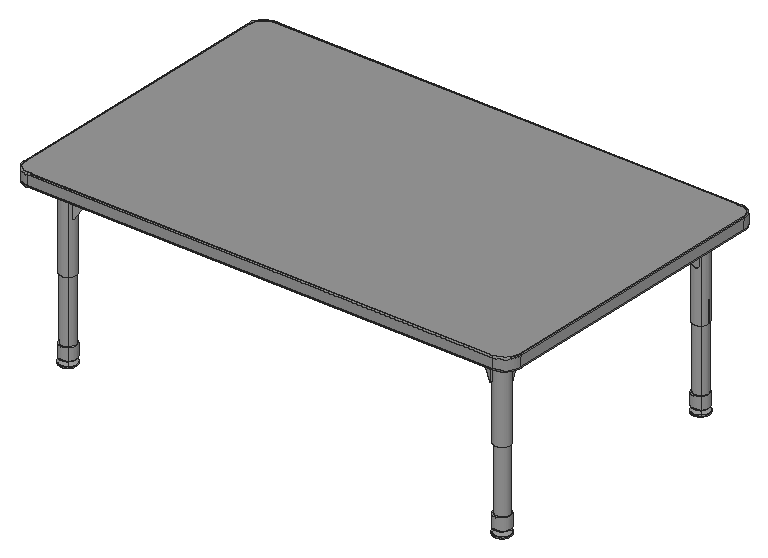
Revit family "Hierarchy Activity 48x30 Rectangle Table - Youth Height", category Furniture, Revit 2018
Family settings
  Work Plane-Based = No
  Always vertical = Yes
  Cut with Voids When Loaded = No
  Shared = No
  Room Calculation Point = No
Parameters
  Table Height = 1' - 4"
  Surface = Hierarchy Activity 48x30 Rectangle Table Youth Surface
  Leg Finish = Hierarchy Leg Platinum
  Edgeband = Hierarchy Activity 48x30 Rectangle Table Youth Edgeband
  Caster/Glide = Hierarchy Youth Leg - Glide : Hierarchy Youth Leg - Glide
Reference planes (in)
  plane 1 "Center (Front/Back)": y = 0
  plane 2: z = 0
  plane 3 "Center (Left/Right)": x = 0
  plane 4: z = 16
Dimensions and locks (in)
  "Table Height": plane 4 to level
  aligned and locked: plane 2 to level
  aligned and locked: nested 1 to plane 4
Nested families (in)
  nested 1: "Activity 48x30 Tabletop" at (0, 0, -7.925), type "Activity 48x30 Tabletop"
  nested 2: "Hierarchy Youth Leg - Glide" at (-21, 12, 0) x (0.7071, 0.7071, 0) z (0, 0, 1), type <- "Caster/Glide", Leg Finish <- "Leg Finish", Leg Height <- "Table Height", type "Hierarchy Youth Leg - Glide"
    with Leg Height 1' - 4", Leg Finish Hierarchy Leg Platinum
  nested 3: "Hierarchy Youth Leg - Glide" at (-21, -12, 0) x (-0.7071, 0.7071, 0) z (0, 0, 1), type <- "Caster/Glide", Leg Finish <- "Leg Finish", Leg Height <- "Table Height", type "Hierarchy Youth Leg - Glide"
    with Leg Height 1' - 4", Leg Finish Hierarchy Leg Platinum
  nested 4: "Hierarchy Youth Leg - Glide" at (21, -12, 0) x (-0.7071, -0.7071, 0) z (0, 0, 1), Leg Finish <- "Leg Finish", Leg Height <- "Table Height", type "Hierarchy Youth Leg - Glide"
    with Leg Height 1' - 4", Leg Finish Hierarchy Leg Platinum
  nested 5: "Hierarchy Youth Leg - Glide" at (21, 12, 0) x (0.7071, -0.7071, 0) z (0, 0, 1), Leg Finish <- "Leg Finish", Leg Height <- "Table Height", type "Hierarchy Youth Leg - Glide"
    with Leg Height 1' - 4", Leg Finish Hierarchy Leg Platinum
Definition of nested family "Activity 48x30 Tabletop"
  Parameters (values of type "Activity 48x30 Tabletop")
    Surface = none
    Edgeband = none
  Reference planes (in)
    plane 1 "Center (Front/Back)": y = 0
    plane 2: z = 0
    plane 3 "Center (Left/Right)": x = 0
  Forms (in)
    Extrusion 1, solid, material <- "Surface"
      sketch origin (0, 3, 0) x (1, 0, 0) y (0, 1, 0)
        loop
          line (22.5, 11.88189) -> (-22.5, 11.88189)
          arc (-22.5, 11.88189) -> (-23.47714, 11.47714) -> (-23.88189, 10.5) r 1.38189
          line (-23.88189, 10.5) -> (-23.88189, -16.5)
          arc (-23.88189, -16.5) -> (-23.47714, -17.47714) -> (-22.5, -17.88189) r 1.38189
          line (-22.5, -17.88189) -> (22.5, -17.88189)
          arc (22.5, -17.88189) -> (23.47714, -17.47714) -> (23.88189, -16.5) r 1.38189
          line (23.88189, -16.5) -> (23.88189, 10.5)
          arc (23.88189, 10.5) -> (23.47714, 11.47714) -> (22.5, 11.88189) r 1.38189
      from 23.925 to 25.125
    Sweep 2, solid, material <- "Edgeband"
      path origin (0, 3, 0) x (1, 0, 0) y (0, 1, 0)
        loop
          line (22.5, 11.88189) -> (-22.5, 11.88189)
          arc (-22.5, 11.88189) -> (-23.47714, 11.47714) -> (-23.88189, 10.5) r 1.38189
          line (-23.88189, 10.5) -> (-23.88189, -16.5)
          arc (-23.88189, -16.5) -> (-23.47714, -17.47714) -> (-22.5, -17.88189) r 1.38189
          line (-22.5, -17.88189) -> (22.5, -17.88189)
          arc (22.5, -17.88189) -> (23.47714, -17.47714) -> (23.88189, -16.5) r 1.38189
          line (23.88189, -16.5) -> (23.88189, 10.5)
          arc (23.88189, 10.5) -> (23.47714, 11.47714) -> (22.5, 11.88189) r 1.38189
      profile origin (0, 14.88189, 0) x (0, -1, 0) y (0, 0, 1)
        loop
          arc (-0.11811, 24.04311) -> (-0.08352, 23.95959) -> (0, 23.925) r 0.11811
          line (0, 23.925) -> (0, 25.125)
          arc (0, 25.125) -> (-0.08352, 25.09041) -> (-0.11811, 25.00689) r 0.11811
          line (-0.11811, 25.00689) -> (-0.11811, 24.04311)
  Dimensions and locks (in)
    aligned and locked: plane 2 to level
Definition of nested family "Hierarchy Youth Leg - Glide"
  Parameters (values of type "Hierarchy Youth Leg - Glide")
    Leg Finish [instance] = none
    Leg Height [instance] = 1' - 4.80117"
  Reference planes (in)
    plane 1 "Center (Front/Back)": y = 0
    plane 2: z = 0
    plane 3 "Center (Left/Right)": x = 0
  Forms (in)
    Extrusion 1, solid
      sketch origin (-0.01562, 0, 0) x (1, 0, 0) y (0, 1, 0)
        loop
          circle (0.01563, 0) r 0.67016
      from 0.67618 to 10.55018
    Revolve 2, solid
      sketch origin (0, 0, 0) x (1, 0, 0) y (0, 0, 1)
        loop
          line (-0.73189, 1.80118) -> (-0.79439, 1.73867) -> (-0.79439, 0.61381) -> (-0.73176, 0.55118) -> (-0.125, 0.55118) -> (-0.125, 0.42618) -> (-0.84656, 0.16241) -> (-0.84656, 0.08994) -> (-0.81359, 0) -> (0, 0) -> (0, 1.80118) -> (-0.73189, 1.80118)
        axis (0, 1.80118) -> (0, 0)
      angle from 0 to 360
  Dimensions and locks (in)
    "Leg Height": nested 1 to level  (x2)
    aligned and locked: plane 2 to level
  Automatic sketch dimensions
    plane 1 "Center (Front/Back)" to Extrusion 1 sketch curve = 0' - 0"
    Extrusion 1 sketch curve to plane 3 "Center (Left/Right)" = 0' - 0"
    Revolve 2 sketch curve to level = 0' - 0"
    Revolve 2 sketch curve to plane 3 "Center (Left/Right)" = 0' - 0"  (x2)
    Revolve 2 sketch curve to plane 3 "Center (Left/Right)" = 0' - 0 1/8"
    Revolve 2 sketch curve to Revolve 2 sketch curve = 0' - 0.60676"
    Revolve 2 sketch curve to Revolve 2 sketch curve = 0' - 0.73189"
    Revolve 2 sketch curve to Revolve 2 sketch curve = 0' - 0.06263"  (x2)
    Revolve 2 sketch curve to Revolve 2 sketch curve = 0' - 0.08183"
    Revolve 2 sketch curve to Revolve 2 sketch curve = 0' - 0.03297"
    level to Revolve 2 sketch curve = 0' - 0.08994"
    Revolve 2 sketch curve to Revolve 2 sketch curve = 0' - 0.07247"
    level to Revolve 2 sketch curve = 0' - 0.42618"
    Revolve 2 sketch curve to Revolve 2 sketch curve = 0' - 0 1/8"
    Revolve 2 sketch curve to Revolve 2 sketch curve = 0' - 1.12486"
    Revolve 2 sketch curve to Revolve 2 sketch curve = 0' - 0 1/16"
    Revolve 2 sketch curve to level = 2' - 0"
    Revolve 2 sketch curve to Revolve 2 sketch curve = 8' - 4.91764"
    radius of Extrusion 1 sketch curve = 0' - 0.67016"
  Nested families (in)
    nested 1: "Hierarchy Youth Upper Leg 2023" at (0, 0, 0), Leg Finish <- "Leg Finish", type "Hierarchy Youth Upper Leg 2023"
      with Leg Finish none
  Definition of nested family "Hierarchy Youth Upper Leg 2023"
    Parameters (values of type "Hierarchy Youth Upper Leg 2023")
      Leg Finish [instance] = none
    Reference planes (in)
      plane 1 "Center (Front/Back)": y = 0
      plane 2: z = 0
      plane 3 "Center (Left/Right)": x = 0
    Forms (in)
      Extrusion 1, solid, material <- "Leg Finish"
        sketch origin (0, 0, -11.001) x (1, 0, 0) y (0, 1, 0)
          loop
            circle (0, 0) r 0.75
        from 19.67618 to 27.67618
      Extrusion 2, solid, material <- "Leg Finish"
        sketch origin (0, 0, -11.001) x (1, 0, 0) y (0, 1, 0)
          loop
            line (-1.70174, 0.19183) -> (-2.88626, -2.26116)
            arc (-2.88626, -2.26116) -> (-2.83993, -3.09822) -> (-2.1063, -3.50394) r 0.86614
            line (-2.1063, -3.50394) -> (2.1063, -3.50394)
            arc (2.1063, -3.50394) -> (2.83993, -3.09822) -> (2.88626, -2.26116) r 0.86614
            line (2.88626, -2.26116) -> (1.70174, 0.19183)
            arc (1.70174, 0.19183) -> (0, 1.25984) -> (-1.70174, 0.19183) r 1.88976
        from 27.67618 to 27.80217
      Extrusion 3, solid, material <- "Leg Finish"
        sketch origin (-1.48519, 8.66524, -11.001) x (-0.434844, 0.900506, 0) y (0, 0, 1)
          loop
            line (-9.01425, 27.67618) -> (-11.80952, 27.67618)
            arc (-11.80952, 27.67618) -> (-11.92325, 27.58993) -> (-11.87088, 27.45715) r 0.11811
            arc (-11.87088, 27.45715) -> (-10.39364, 26.29679) -> (-9.23328, 24.81955) r 7.87402
            arc (-9.23328, 24.81955) -> (-9.1005, 24.76717) -> (-9.01425, 24.88091) r 0.11811
            line (-9.01425, 24.88091) -> (-9.01425, 27.67618)
        from -1.94075 to -1.81476
      Extrusion 4, solid, material <- "Leg Finish"
        sketch origin (1.48519, 8.66524, -11.001) x (0.434844, 0.900506, 0) y (0, 0, -1)
          loop
            line (-9.01425, -27.67618) -> (-9.01425, -24.88091)
            arc (-9.01425, -24.88091) -> (-9.1005, -24.76717) -> (-9.23328, -24.81955) r 0.11811
            arc (-9.23328, -24.81955) -> (-10.39364, -26.29679) -> (-11.87088, -27.45715) r 7.87402
            arc (-11.87088, -27.45715) -> (-11.92325, -27.58993) -> (-11.80952, -27.67618) r 0.11811
            line (-11.80952, -27.67618) -> (-9.01425, -27.67618)
        from -1.94075 to -1.81476
    Dimensions and locks (in)
      aligned and locked: plane 2 to level
